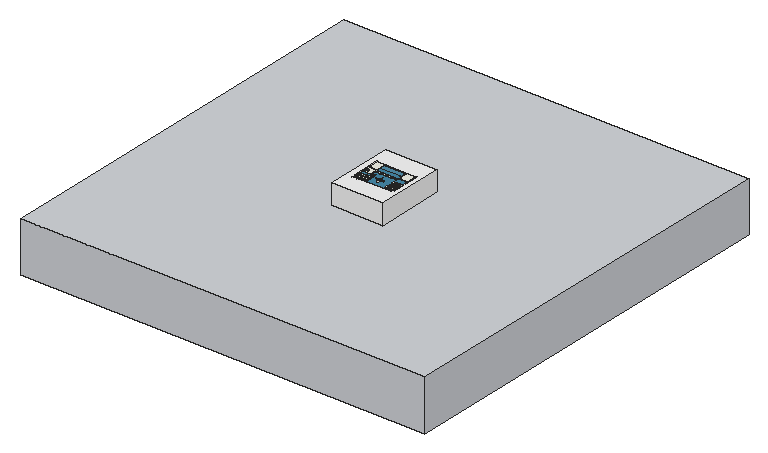
Revit family "Terminal de control remoto_Aguilera Electronica", category Equipos eléctricos, Revit 2017
Family settings
  Anfitrión = Cara
  Configuración de panel = Dos columnas, circuitos en vertical
  Cota de conector redondo = Diámetro de uso
  Tipo de pieza = Cuadro de control
  Número OmniClass = 23.85.30.21.11.14
  Título OmniClass = Alarm Panels
  Corte con vacíos al cargar = No
  Compartido = No
  Punto de cálculo de habitación = No
Parameters (values of type "Terminal de control remoto")
  URL = "http://aguilera.es/?productos=terminal-de-control-remoto"
  Símbolo texto modelo = yes
  Símbolo = yes
  Potencial eléctrico = 230 V
  Potencia aparente = 460 VA
  Modelo = "AE/SA-TCR"
  Fondo = 120 mm
  Fabricante = "Aguilera Electrónica"  # constant formula
  Elevación por defecto = 1200 mm
  Diámetro tubo = 20 mm
  Descripción = "Terminal de control remoto fabricado por AGUILERA ELECTRÓNICA desarrollado para el control y gestión remota de las instalaciones de protección contra incendios basadas en nuestras centrales algorítmicas.\r\nEste terminal permite controlar “a distancia” vía cable (RS-485) cualquier instalación basada en las centrales AE/SA-C1, AE/SA-C2 y AE/SA-C8.\r\nLa conexión se realiza en red, a través de un canal de comunicaciones RS-485.\r\nTodos los paneles de control muestran el estado general de todas las centrales existentes en la red y desde cualquiera de ellos se puede controlar cualquier central."  # constant formula
  Comentarios de tipo = "Dispone de fuente de alimentación independiente y capacidad para 2 baterías de 7 Ah.\r\nMedidas: 410 x 310 x 120 mm"
  Ancho = 310 mm
  Alto = 410 mm
Reference planes
  plane 1 "Centro (Frontal/Posterior)": y = 0
  plane 2: z = 0
  plane 3 "Centro (Izquierda/Derecha)": x = 0
  plane 4: y = 205
  plane 5: y = -205
  plane 6: x = -155
  plane 7: x = 155
  plane 8: z = 120
  plane 9: z = 117
  plane 10: x = -121
  plane 11: x = 121
  plane 12: z = 114
Forms (mm)
  Extrusion 1, solid
    sketch origin (0, 0, 0) x (1, 0, 0) y (0, 1, 0)
      loop
        line (-1219.2, 1219.2) -> (-1219.2, -1219.2) -> (1219.2, -1219.2) -> (1219.2, 1219.2) -> (-1219.2, 1219.2)
    from 0 to -304.8
  Extrusion 2, solid, material "PVC Blanco"
    sketch origin (0, 0, 0) x (1, 0, 0) y (0, 1, 0)
      loop
        line (-155, -205) -> (155, -205) -> (155, 205) -> (-155, 205) -> (-155, -205)
      loop
        line (-121, -97) -> (121, -97) -> (121, 97) -> (-121, 97) -> (-121, -97)
    from 0 to 120
  Extrusion 3, solid, material "PVC Blanco"
    sketch origin (0, 0, 0) x (1, 0, 0) y (0, 1, 0)
      loop
        line (-121, 97) -> (-121, -97) -> (121, -97) -> (121, 97) -> (-121, 97)
    from 0 to 114
Cuts and joins
  joined: Extrusion 2, Extrusion 3
Dimensions and locks
  equal spacing: plane 5, plane 1 "Centro (Frontal/Posterior)", plane 4
  "Alto": plane 5 to plane 4
  equal spacing: plane 6, plane 3 "Centro (Izquierda/Derecha)", plane 7
  "Ancho": plane 6 to plane 7
  "Fondo": plane 8 to plane 2
  equal spacing: plane 10, plane 3 "Centro (Izquierda/Derecha)", plane 11, locked at 121 each
  equal spacing: Extrusion 2 sketch curve, plane 1 "Centro (Frontal/Posterior)", Extrusion 2 sketch curve, locked at 97 each
  locked: Extrusion 2 to Extrusion 2 at 194
  locked: plane 8 to plane 12 at 6
  locked: plane 8 to plane 9 at 3
  aligned and locked: plane 2 to Extrusion 1
  aligned and locked: level to Extrusion 1
  aligned and locked: plane 5 to Extrusion 2 sketch curve
  aligned and locked: Extrusion 2 sketch curve to plane 6
  aligned and locked: plane 4 to Extrusion 2 sketch curve
  aligned and locked: Extrusion 2 sketch curve to plane 7
  aligned and locked: plane 8 to Extrusion 2
  aligned and locked: Extrusion 2 sketch curve to plane 10
  aligned and locked: Extrusion 2 sketch curve to plane 11
  aligned and locked: Extrusion 3 sketch curve to Extrusion 2  (x4)
  aligned and locked: Extrusion 3 to level
  aligned and locked: plane 12 to Extrusion 3
Automatic sketch dimensions
  Extrusion 1 sketch curve to Extrusion 1 sketch curve = 2438.4 mm  (x2)
  Extrusion 2 sketch curve to plane 5 = 108 mm
Nested families
  nested 1: "Panel central algorítmica" at (-0.158, 0, 114), type "Panel central algorítmica", detail levels fine
  nested 2: "S_Terminal de control remoto_Aguilera Electronica" at (0, 0, 0), visible <- "Símbolo", type "S_Terminal de control remoto_Aguilera Electronica"
Connectors
  electrical at (0, 0, 0), driven by "Modelo", driven by "Potencial eléctrico", driven by "Potencia aparente"
    settings: on cut or joined group of Extrusion 2, Extrusion 3, index 3, voltage 230 V, apparent load 460 VA, apparent load phase1 0 VA, apparent load phase2 0 VA, apparent load phase3 0 VA, power factor 1, load classification "Otro", number of poles 1, system type 30, power factor state 1, is connector primary yes, connector utility no, sub classification motor no, connector description "AE/SA-TCR"
  cabletrayconduit at (0, 0, 0), diameter 20, driven by "Diámetro tubo", driven by "Modelo"
    settings: on cut or joined group of Extrusion 2, Extrusion 3, index 4, connector width 300 mm, connector height 300 mm, connector angle 0.00°, system type 32, placement type 0, profile type 0, connector reference index -1, is primary connector yes, connector utility param no, connector description "AE/SA-TCR"
Definition of nested family "Panel central algorítmica"
  Parameters (values of type "Panel central algorítmica")
    Default Elevation = 1219.2 mm
  Reference planes
    plane 1 "Centro (Frontal/Posterior)": y = 0
    plane 2: z = 0
    plane 3 "Centro (Izquierda/Derecha)": x = 0
  Forms (mm)
    Extrusion 1, solid
      sketch origin (0, 0, 0) x (1, 0, 0) y (0, 1, 0)
        loop
          line (-1219.2, 1219.2) -> (-1219.2, -1219.2) -> (1219.2, -1219.2) -> (1219.2, 1219.2) -> (-1219.2, 1219.2)
      from 0 to -304.8
    Extrusion 2, solid
      sketch origin (0.158, 0, 3) x (1, 0, 0) y (0, 1, 0)
        loop
          line (-65, 47.886) -> (65, 47.886) -> (65, 82.886) -> (-65, 82.886) -> (-65, 47.886)
        loop
          circle (-98.53, 0) r 10
      from 0 to 2
    Extrusion 3, solid
      sketch origin (0.158, 0, 3) x (1, 0, 0) y (0, 1, 0)
        loop
          line (-67.004, 93.586) -> (-116.363, 93.586) -> (-116.363, 28.266) -> (-67.004, 28.266) -> (-67.004, 93.586)
        loop
          line (-116.363, 25.853) -> (-116.363, -14.293) -> (-67.004, -14.293) -> (-67.004, 25.853) -> (-116.363, 25.853)
        loop
          line (67.004, 93.586) -> (67.004, 28.266) -> (116.534, 28.266) -> (116.534, 93.586) -> (67.004, 93.586)
        loop
          line (67.004, -25.756) -> (82.004, -25.756) -> (82.004, -10.756) -> (67.004, -10.756) -> (67.004, -25.756)
        loop
          line (84.269, -25.756) -> (99.269, -25.756) -> (99.269, -10.756) -> (84.269, -10.756) -> (84.269, -25.756)
        loop
          line (101.534, -25.756) -> (116.534, -25.756) -> (116.534, -10.756) -> (101.534, -10.756) -> (101.534, -25.756)
        loop
          line (67.004, -42.707) -> (82.004, -42.707) -> (82.004, -27.707) -> (67.004, -27.707) -> (67.004, -42.707)
        loop
          line (84.269, -42.707) -> (99.269, -42.707) -> (99.269, -27.707) -> (84.269, -27.707) -> (84.269, -42.707)
        loop
          line (101.534, -42.707) -> (116.534, -42.707) -> (116.534, -27.707) -> (101.534, -27.707) -> (101.534, -42.707)
        loop
          line (67.004, -59.657) -> (82.004, -59.657) -> (82.004, -44.657) -> (67.004, -44.657) -> (67.004, -59.657)
        loop
          line (84.269, -59.657) -> (99.269, -59.657) -> (99.269, -44.657) -> (84.269, -44.657) -> (84.269, -59.657)
        loop
          line (101.534, -59.657) -> (116.534, -59.657) -> (116.534, -44.657) -> (101.534, -44.657) -> (101.534, -59.657)
        loop
          line (67.004, -76.608) -> (82.004, -76.608) -> (82.004, -61.608) -> (67.004, -61.608) -> (67.004, -76.608)
        loop
          line (84.269, -76.608) -> (99.269, -76.608) -> (99.269, -61.608) -> (84.269, -61.608) -> (84.269, -76.608)
        loop
          line (101.534, -76.608) -> (116.534, -76.608) -> (116.534, -61.608) -> (101.534, -61.608) -> (101.534, -76.608)
        loop
          line (-7.5, -25.756) -> (7.5, -25.756) -> (0, -10.756) -> (-7.5, -25.756)
        loop
          line (-24.765, -35.207) -> (-9.765, -42.707) -> (-9.765, -27.707) -> (-24.765, -35.207)
        loop
          line (-7.5, -42.707) -> (7.5, -42.707) -> (7.5, -27.707) -> (-7.5, -27.707) -> (-7.5, -42.707)
        loop
          line (9.765, -42.707) -> (24.765, -35.207) -> (9.765, -27.707) -> (9.765, -42.707)
        loop
          line (-7.5, -44.657) -> (0, -59.657) -> (7.5, -44.657) -> (-7.5, -44.657)
        loop
          line (-59.865, -10.756) -> (-59.865, -25.756) -> (-40.835, -25.756) -> (-40.835, -10.756) -> (-59.865, -10.756)
        loop
          line (-73.1, -76.496) -> (-40.835, -76.496) -> (-40.835, -61.496) -> (-73.1, -61.496) -> (-73.1, -76.496)
        loop
          line (-73.1, -51.784) -> (-40.835, -51.784) -> (-40.835, -36.784) -> (-73.1, -36.784) -> (-73.1, -51.784)
        loop
          line (-113.652, -76.496) -> (-81.387, -76.496) -> (-81.387, -61.496) -> (-113.652, -61.496) -> (-113.652, -76.496)
        loop
          line (-113.652, -51.784) -> (-81.387, -51.784) -> (-81.387, -36.784) -> (-113.652, -36.784) -> (-113.652, -51.784)
        loop
          line (-61.217, 25.853) -> (-61.217, 12.194) -> (-32.832, 12.194) -> (-32.832, 25.853) -> (-61.217, 25.853)
        loop
          line (-30.342, 25.853) -> (-30.342, 12.194) -> (-0.96, 12.194) -> (-0.96, 25.853) -> (-30.342, 25.853)
        loop
          line (1.531, 25.853) -> (1.531, 12.194) -> (30.913, 12.194) -> (30.913, 25.853) -> (1.531, 25.853)
        loop
          line (33.404, 25.853) -> (33.404, 12.194) -> (62.786, 12.194) -> (62.786, 25.853) -> (33.404, 25.853)
      from 0 to 1
    Extrusion 4, solid
      sketch origin (0.158, 0, -117) x (1, 0, 0) y (0, 1, 0)
        loop
          line (-121, 97) -> (-121, -97) -> (121, -97) -> (121, 97) -> (-121, 97)
      from 117 to 120
  Dimensions and locks
    Extrusion 3 to Extrusion 3 = 134.008 mm
    aligned and locked: plane 2 to Extrusion 1
    aligned and locked: level to Extrusion 1
    aligned and locked: Extrusion 3 sketch curve to Extrusion 3 sketch curve  (x3)
    aligned and locked: Extrusion 3 to Extrusion 2
    aligned and locked: Extrusion 4 to Extrusion 2
Definition of nested family "S_Terminal de control remoto_Aguilera Electronica"
  Parameters (values of type "S_Terminal de control remoto_Aguilera Electronica")
    Texto símbolo = "Terminal CR"
    Texto modelo = yes
    Modelo = "Terminal CR"
  Reference planes
    plane 1: y = 0
    plane 2: x = 0
  Lines and regions (mm)
    detail lines
      curve 1: line (-3.572, -5.498, 0) -> (3.896, -5.498, 0)
      curve 2: line (-3.572, 5.498, 0) -> (-3.572, -5.498, 0)
      curve 3: line (3.896, 5.498, 0) -> (-3.572, 5.498, 0)
      curve 4: line (3.896, -5.498, 0) -> (3.896, 5.498, 0)
  Text (mm)
    label "Texto símbolo" at (-0.164, 2.864, 0), shows "Texto símbolo"
    label "Modelo" at (-0.164, -2.652, 0), shows "Modelo", visible <- "Texto modelo"
